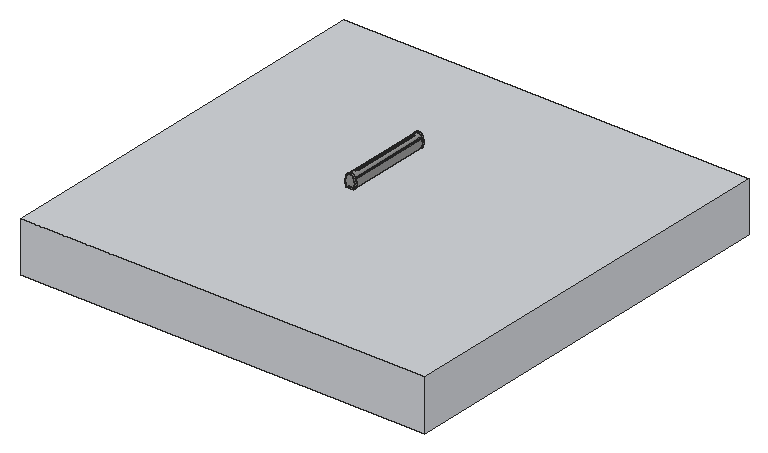
Revit family "L-trade II 20", category Осветительные приборы, Revit 2017 (continued)
Definition of nested family "L-trade II_body"
  Definition of nested family "Trade II торцевая крышка"
    Automatic sketch dimensions
      Extrusion 4 sketch curve to Extrusion 4 sketch curve = 2 mm  (x5)
      Extrusion 4 sketch curve to plane 3 "По центру (Влево/Вправо)" = 0.012 mm  (x2)
      Extrusion 4 sketch curve to Extrusion 4 sketch curve = 3.63 mm
      Extrusion 4 sketch curve to Extrusion 4 sketch curve = 0.007 mm  (x2)
      Extrusion 4 sketch curve to plane 3 "По центру (Влево/Вправо)" = 16.883 mm
      Extrusion 4 sketch curve to Extrusion 4 sketch curve = 13.881 mm  (x2)
      Extrusion 4 sketch curve to Extrusion 4 sketch curve = 1.459 mm  (x2)
      Extrusion 4 sketch curve to Extrusion 4 sketch curve = 0.611 mm  (x2)
      Extrusion 4 sketch curve to Extrusion 4 sketch curve = 6.48 mm  (x2)
      Extrusion 4 sketch curve to Extrusion 4 sketch curve = 9.13 mm  (x2)
      Extrusion 4 sketch curve to Extrusion 4 sketch curve = 0.874 mm  (x2)
      Extrusion 4 sketch curve to Extrusion 4 sketch curve = 0.877 mm  (x2)
      Extrusion 4 sketch curve to Extrusion 4 sketch curve = 2.412 mm  (x2)
      Extrusion 4 sketch curve to Extrusion 4 sketch curve = 2.408 mm  (x2)
      Extrusion 4 sketch curve to Extrusion 4 sketch curve = 1.804 mm  (x2)
      Extrusion 4 sketch curve to Extrusion 4 sketch curve = 1.806 mm  (x2)
      Extrusion 4 sketch curve to Extrusion 4 sketch curve = 0.731 mm  (x2)
      Extrusion 4 sketch curve to Extrusion 4 sketch curve = 0.907 mm
      plane 3 "По центру (Влево/Вправо)" to Extrusion 4 sketch curve = 3.632 mm
      plane 3 "По центру (Влево/Вправо)" to Extrusion 4 sketch curve = 16.874 mm
      Extrusion 4 sketch curve to Extrusion 4 sketch curve = 0.906 mm
      plane 4 "Плоскость низа светильника" to Extrusion 4 sketch curve = 2.402 mm  (x2)
      Extrusion 4 sketch curve to Extrusion 4 sketch curve = 1.117 mm  (x2)
      Extrusion 4 sketch curve to Extrusion 4 sketch curve = 2.295 mm  (x2)
      Extrusion 4 sketch curve to Extrusion 4 sketch curve = 0.778 mm  (x2)
      Extrusion 4 sketch curve to Extrusion 4 sketch curve = 5.16 mm
      Extrusion 4 sketch curve to Extrusion 4 sketch curve = 0.905 mm
      Extrusion 4 sketch curve to Extrusion 4 sketch curve = 1.353 mm  (x2)
      Extrusion 4 sketch curve to Extrusion 4 sketch curve = 1.518 mm  (x2)
      Extrusion 5 sketch curve to Extrusion 5 sketch curve = 0 mm  (x49)
      Extrusion 5 sketch curve to plane 3 "По центру (Влево/Вправо)" = 0.004 mm
      plane 4 "Плоскость низа светильника" to Extrusion 5 sketch curve = 48.426 mm
      Extrusion 5 sketch curve to Extrusion 5 sketch curve = 4.841 mm  (x2)
      Extrusion 5 sketch curve to Extrusion 5 sketch curve = 4.46 mm  (x2)
      Extrusion 5 sketch curve to Extrusion 5 sketch curve = 3.703 mm  (x2)
      Extrusion 5 sketch curve to plane 3 "По центру (Влево/Вправо)" = 26.889 mm
      Extrusion 5 sketch curve to Extrusion 5 sketch curve = 1.546 mm  (x2)
      Extrusion 5 sketch curve to Extrusion 5 sketch curve = 1.798 mm  (x2)
      Extrusion 5 sketch curve to Extrusion 5 sketch curve = 1.783 mm  (x4)
      Extrusion 5 sketch curve to Extrusion 5 sketch curve = 1.35 mm  (x4)
      Extrusion 5 sketch curve to Extrusion 5 sketch curve = 8.271 mm  (x4)
      Extrusion 5 sketch curve to Extrusion 5 sketch curve = 1.526 mm  (x2)
      Extrusion 5 sketch curve to Extrusion 5 sketch curve = 1.799 mm  (x2)
      Extrusion 5 sketch curve to Extrusion 5 sketch curve = 3.705 mm  (x2)
      Extrusion 5 sketch curve to plane 4 "Плоскость низа светильника" = 0.007 mm
      Extrusion 5 sketch curve to plane 4 "Плоскость низа светильника" = 0.341 mm  (x2)
      Extrusion 5 sketch curve to plane 4 "Плоскость низа светильника" = 2.007 mm
      Extrusion 5 sketch curve to Extrusion 5 sketch curve = 3.955 mm  (x2)
      Extrusion 5 sketch curve to Extrusion 5 sketch curve = 0.286 mm  (x2)
      Extrusion 5 sketch curve to Extrusion 5 sketch curve = 3.972 mm
      Extrusion 5 sketch curve to Extrusion 5 sketch curve = 1.397 mm
      Extrusion 5 sketch curve to Extrusion 5 sketch curve = 2 mm  (x6)
      Extrusion 5 sketch curve to Extrusion 5 sketch curve = 1.532 mm  (x2)
      Extrusion 5 sketch curve to Extrusion 5 sketch curve = 0.266 mm
      Extrusion 5 sketch curve to Extrusion 5 sketch curve = 1.806 mm  (x2)
      Extrusion 5 sketch curve to Extrusion 5 sketch curve = 0.731 mm  (x2)
      Extrusion 5 sketch curve to Extrusion 5 sketch curve = 0.907 mm
      Extrusion 5 sketch curve to Extrusion 5 sketch curve = 3.176 mm
      Extrusion 5 sketch curve to Extrusion 5 sketch curve = 0.877 mm  (x2)
      Extrusion 5 sketch curve to Extrusion 5 sketch curve = 0.874 mm  (x2)
      Extrusion 5 sketch curve to Extrusion 5 sketch curve = 7.088 mm
      Extrusion 5 sketch curve to Extrusion 5 sketch curve = 0.611 mm  (x2)
      Extrusion 5 sketch curve to Extrusion 5 sketch curve = 1.459 mm  (x2)
      Extrusion 5 sketch curve to Extrusion 5 sketch curve = 11.813 mm
      Extrusion 5 sketch curve to plane 3 "По центру (Влево/Вправо)" = 5.648 mm
      Extrusion 5 sketch curve to Extrusion 5 sketch curve = 0.007 mm  (x2)
      Extrusion 5 sketch curve to plane 3 "По центру (Влево/Вправо)" = 0.011 mm  (x2)
      plane 3 "По центру (Влево/Вправо)" to Extrusion 5 sketch curve = 3.633 mm
      plane 3 "По центру (Влево/Вправо)" to Extrusion 5 sketch curve = 16.874 mm
      Extrusion 5 sketch curve to Extrusion 5 sketch curve = 13.881 mm
      Extrusion 5 sketch curve to Extrusion 5 sketch curve = 6.48 mm
      Extrusion 5 sketch curve to Extrusion 5 sketch curve = 9.13 mm
      Extrusion 5 sketch curve to Extrusion 5 sketch curve = 2.408 mm
      Extrusion 5 sketch curve to Extrusion 5 sketch curve = 2.412 mm
      Extrusion 5 sketch curve to Extrusion 5 sketch curve = 1.804 mm
      Extrusion 5 sketch curve to Extrusion 5 sketch curve = 0.906 mm
      Extrusion 5 sketch curve to Extrusion 5 sketch curve = 5.16 mm  (x2)
      Extrusion 5 sketch curve to Extrusion 5 sketch curve = 0.905 mm  (x2)
      Extrusion 5 sketch curve to Extrusion 5 sketch curve = 21.1 mm
      plane 4 "Плоскость низа светильника" to Extrusion 5 sketch curve = 3.512 mm  (x2)
      Extrusion 5 sketch curve to Extrusion 5 sketch curve = 1.117 mm  (x2)
      Extrusion 5 sketch curve to Extrusion 5 sketch curve = 1.353 mm  (x2)
      Extrusion 5 sketch curve to Extrusion 5 sketch curve = 1.518 mm  (x2)
      Extrusion 6 sketch curve to Extrusion 6 sketch curve = 0 mm  (x4)
      Extrusion 6 sketch curve to plane 4 "Плоскость низа светильника" = 0 mm
      plane 4 "Плоскость низа светильника" to Extrusion 6 sketch curve = 5.829 mm  (x2)
      Extrusion 6 sketch curve to Extrusion 6 sketch curve = 5.503 mm  (x2)
      Extrusion 6 sketch curve to Extrusion 6 sketch curve = 1.526 mm  (x2)
      Extrusion 6 sketch curve to Extrusion 6 sketch curve = 1.35 mm  (x4)
      Extrusion 6 sketch curve to Extrusion 6 sketch curve = 8.271 mm  (x4)
      Extrusion 6 sketch curve to Extrusion 6 sketch curve = 1.531 mm  (x2)
      Extrusion 6 sketch curve to Extrusion 6 sketch curve = 5.501 mm  (x2)
      Extrusion 6 sketch curve to Extrusion 6 sketch curve = 4.46 mm  (x2)
      Extrusion 6 sketch curve to plane 3 "По центру (Влево/Вправо)" = 0.005 mm
      Extrusion 6 sketch curve to Extrusion 6 sketch curve = 4.841 mm
      Extrusion 6 sketch curve to plane 4 "Плоскость низа светильника" = 0.334 mm  (x2)
      Extrusion 6 sketch curve to Extrusion 6 sketch curve = 3.955 mm  (x2)
      Extrusion 6 sketch curve to Extrusion 6 sketch curve = 0.286 mm  (x2)
      Extrusion 6 sketch curve to plane 4 "Плоскость низа светильника" = 5.972 mm  (x2)
      Extrusion 6 sketch curve to plane 3 "По центру (Влево/Вправо)" = 5.642 mm
      Extrusion 6 sketch curve to Extrusion 6 sketch curve = 0.007 mm  (x2)
      Extrusion 6 sketch curve to plane 3 "По центру (Влево/Вправо)" = 16.883 mm
      Extrusion 6 sketch curve to Extrusion 6 sketch curve = 13.881 mm
      Extrusion 6 sketch curve to Extrusion 6 sketch curve = 1.459 mm  (x2)
      Extrusion 6 sketch curve to Extrusion 6 sketch curve = 0.611 mm  (x2)
      Extrusion 6 sketch curve to Extrusion 6 sketch curve = 6.48 mm  (x2)
      Extrusion 6 sketch curve to Extrusion 6 sketch curve = 9.13 mm  (x2)
      Extrusion 6 sketch curve to Extrusion 6 sketch curve = 2.408 mm  (x2)
      Extrusion 6 sketch curve to Extrusion 6 sketch curve = 2.412 mm  (x2)
      Extrusion 6 sketch curve to Extrusion 6 sketch curve = 2.678 mm  (x2)
      Extrusion 6 sketch curve to Extrusion 6 sketch curve = 2.683 mm  (x2)
      Extrusion 6 sketch curve to Extrusion 6 sketch curve = 0.731 mm  (x2)
      plane 3 "По центру (Влево/Вправо)" to Extrusion 6 sketch curve = 5.625 mm
      plane 3 "По центру (Влево/Вправо)" to Extrusion 6 sketch curve = 16.874 mm
      Extrusion 6 sketch curve to Extrusion 6 sketch curve = 13.895 mm
      plane 4 "Плоскость низа светильника" to Extrusion 6 sketch curve = 2.402 mm  (x2)
      Extrusion 6 sketch curve to Extrusion 6 sketch curve = 3.072 mm  (x2)
      Extrusion 6 sketch curve to Extrusion 6 sketch curve = 5.16 mm
      Extrusion 6 sketch curve to plane 4 "Плоскость низа светильника" = 2 mm  (x2)
      Extrusion 6 sketch curve to Extrusion 6 sketch curve = 1.353 mm  (x2)
      Extrusion 7 sketch curve to Extrusion 7 sketch curve = 0 mm  (x4)
      Extrusion 7 sketch curve to plane 4 "Плоскость низа светильника" = 0 mm
      plane 4 "Плоскость низа светильника" to Extrusion 7 sketch curve = 5.829 mm  (x2)
      Extrusion 7 sketch curve to Extrusion 7 sketch curve = 5.503 mm  (x2)
      Extrusion 7 sketch curve to Extrusion 7 sketch curve = 1.526 mm  (x2)
      Extrusion 7 sketch curve to Extrusion 7 sketch curve = 1.35 mm  (x4)
      Extrusion 7 sketch curve to Extrusion 7 sketch curve = 8.271 mm  (x4)
      Extrusion 7 sketch curve to Extrusion 7 sketch curve = 1.531 mm  (x2)
      Extrusion 7 sketch curve to Extrusion 7 sketch curve = 5.501 mm  (x2)
      Extrusion 7 sketch curve to Extrusion 7 sketch curve = 4.46 mm  (x2)
      Extrusion 7 sketch curve to plane 3 "По центру (Влево/Вправо)" = 0.005 mm
      Extrusion 7 sketch curve to Extrusion 7 sketch curve = 4.841 mm
      Extrusion 7 sketch curve to plane 4 "Плоскость низа светильника" = 0.334 mm  (x2)
      Extrusion 7 sketch curve to Extrusion 7 sketch curve = 3.955 mm  (x2)
      Extrusion 7 sketch curve to Extrusion 7 sketch curve = 0.286 mm  (x2)
      Extrusion 7 sketch curve to plane 4 "Плоскость низа светильника" = 5.972 mm  (x2)
      Extrusion 7 sketch curve to plane 3 "По центру (Влево/Вправо)" = 5.642 mm
      Extrusion 7 sketch curve to Extrusion 7 sketch curve = 0.007 mm  (x2)
      Extrusion 7 sketch curve to plane 3 "По центру (Влево/Вправо)" = 16.883 mm
      Extrusion 7 sketch curve to Extrusion 7 sketch curve = 13.881 mm
      Extrusion 7 sketch curve to Extrusion 7 sketch curve = 1.459 mm  (x2)
      Extrusion 7 sketch curve to Extrusion 7 sketch curve = 0.611 mm  (x2)
      Extrusion 7 sketch curve to Extrusion 7 sketch curve = 6.48 mm  (x2)
      Extrusion 7 sketch curve to Extrusion 7 sketch curve = 9.13 mm  (x2)
      Extrusion 7 sketch curve to Extrusion 7 sketch curve = 2.408 mm  (x2)
      Extrusion 7 sketch curve to Extrusion 7 sketch curve = 2.412 mm  (x2)
      Extrusion 7 sketch curve to Extrusion 7 sketch curve = 2.678 mm  (x2)
      Extrusion 7 sketch curve to Extrusion 7 sketch curve = 2.683 mm  (x2)
      Extrusion 7 sketch curve to Extrusion 7 sketch curve = 0.731 mm  (x2)
      plane 3 "По центру (Влево/Вправо)" to Extrusion 7 sketch curve = 5.625 mm
      plane 3 "По центру (Влево/Вправо)" to Extrusion 7 sketch curve = 16.874 mm
      Extrusion 7 sketch curve to Extrusion 7 sketch curve = 13.895 mm
      plane 4 "Плоскость низа светильника" to Extrusion 7 sketch curve = 2.402 mm  (x2)
      Extrusion 7 sketch curve to Extrusion 7 sketch curve = 3.072 mm  (x2)
      Extrusion 7 sketch curve to Extrusion 7 sketch curve = 5.16 mm
      Extrusion 7 sketch curve to plane 4 "Плоскость низа светильника" = 2 mm  (x2)
      Extrusion 7 sketch curve to Extrusion 7 sketch curve = 1.353 mm  (x2)
Types (6, lengths in mm): name | Цветовая температура | Световой поток светильника | Кривая сил света | Wattage | built-in parameter 1150134 | Файл фотометрической сетки | built-in parameter 1150142 | built-in parameter 1150105 | Lumens | built-in parameter 1150107 | built-in parameter 1150106 | Manufacturer | Артикул
  L-trade II 20 4.0K Д | 5000 K | 2516 lm | "Г30" | 16.938 W | 2 | "L-trade II 20-22-G30-5.0-01.ies" | "IESNA:LM-63-1995\r\n[TEST]LEDEL\r\n[DATA]17.01.2017\r\n[MANUFAC]LEDEL\r\n[LUMCAT]L-trade II 20/22/Г30/5.0/01\r\n[LUMINAIRE]Для освещения торговых залов, промышленных помещений, складов, магазинов, спортивных сооружений и т.д.  \r\n[LAMPCAT]LED\r\n[LAMP]OSRAM SQUARE\r\nTILT=NONE\r\n\r\n1 2516 0.416074 37 19 1 2 0.531 0.05 0.123\r\n\r\n1 1 22\r\n\r\n\r\n \r\n 0 2.5 5 7.5 10 12.5 15 17.5 20 22.5 25 27.5 30 32.5 35 37.5 40 42.5 45 47.5\r\n 50 52.5 55 57.5 60 62.5 65 67.5 70 72.5 75 77.5 80 82.5 85 87.5 90\r\n\r\n  0 5 10 15 20 25 30 35 40 45 50 55 60 65 70 75\r\n  80 85 90\r\n\r\n  13407 13223 12454 11253 9778 8270 6829 5515 4416 3502 2776 2195 1717 1373 1112\r\n  889 734 605 515 439 379 318 295 269 242 197 182 152 137 121\r\n  106 103 61 61 46 46 53\r\n  13392 13245 12515 11325 9861 8346 6897 5582 4462 3544 2813 2208 1732 1377 1112\r\n  893 726 617 515 451 386 341 295 273 227 220 190 152 137 121\r\n  99 95 76 49 46 34 53\r\n  13392 13245 12515 11325 9861 8346 6897 5582 4462 3544 2813 2208 1732 1377 1112\r\n  893 726 617 515 451 386 341 295 273 227 220 190 152 137 121\r\n  99 95 76 49 46 34 53\r\n  13392 13245 12515 11325 9861 8346 6897 5582 4462 3544 2813 2208 1732 1377 1112\r\n  893 726 617 515 451 386 341 295 273 227 220 190 152 137 121\r\n  99 95 76 49 46 34 53\r\n  13392 13245 12515 11325 9861 8346 6897 5582 4462 3544 2813 2208 1732 1377 1112\r\n  893 726 617 515 451 386 341 295 273 227 220 190 152 137 121\r\n  99 95 76 49 46 34 53\r\n  13392 13245 12515 11325 9861 8346 6897 5582 4462 3544 2813 2208 1732 1377 1112\r\n  893 726 617 515 451 386 341 295 273 227 220 190 152 137 121\r\n  99 95 76 49 46 34 53\r\n  13392 13245 12515 11325 9861 8346 6897 5582 4462 3544 2813 2208 1732 1377 1112\r\n  893 726 617 515 451 386 341 295 273 227 220 190 152 137 121\r\n  99 95 76 49 46 34 53\r\n  13392 13245 12515 11325 9861 8346 6897 5582 4462 3544 2813 2208 1732 1377 1112\r\n  893 726 617 515 451 386 341 295 273 227 220 190 152 137 121\r\n  99 95 76 49 46 34 53\r\n  13392 13245 12515 11325 9861 8346 6897 5582 4462 3544 2813 2208 1732 1377 1112\r\n  893 726 617 515 451 386 341 295 273 227 220 190 152 137 121\r\n  99 95 76 49 46 34 53\r\n  13392 13245 12515 11325 9861 8346 6897 5582 4462 3544 2813 2208 1732 1377 1112\r\n  893 726 617 515 451 386 341 295 273 227 220 190 152 137 121\r\n  99 95 76 49 46 34 53\r\n  13392 13245 12515 11325 9861 8346 6897 5582 4462 3544 2813 2208 1732 1377 1112\r\n  893 726 617 515 451 386 341 295 273 227 220 190 152 137 121\r\n  99 95 76 49 46 34 53\r\n  13392 13245 12515 11325 9861 8346 6897 5582 4462 3544 2813 2208 1732 1377 1112\r\n  893 726 617 515 451 386 341 295 273 227 220 190 152 137 121\r\n  99 95 76 49 46 34 53\r\n  13392 13245 12515 11325 9861 8346 6897 5582 4462 3544 2813 2208 1732 1377 1112\r\n  893 726 617 515 451 386 341 295 273 227 220 190 152 137 121\r\n  99 95 76 49 46 34 53\r\n  13392 13245 12515 11325 9861 8346 6897 5582 4462 3544 2813 2208 1732 1377 1112\r\n  893 726 617 515 451 386 341 295 273 227 220 190 152 137 121\r\n  99 95 76 49 46 34 53\r\n  13392 13245 12515 11325 9861 8346 6897 5582 4462 3544 2813 2208 1732 1377 1112\r\n  893 726 617 515 451 386 341 295 273 227 220 190 152 137 121\r\n  99 95 76 49 46 34 53\r\n  13392 13245 12515 11325 9861 8346 6897 5582 4462 3544 2813 2208 1732 1377 1112\r\n  893 726 617 515 451 386 341 295 273 227 220 190 152 137 121\r\n  99 95 76 49 46 34 53\r\n  13392 13245 12515 11325 9861 8346 6897 5582 4462 3544 2813 2208 1732 1377 1112\r\n  893 726 617 515 451 386 341 295 273 227 220 190 152 137 121\r\n  99 95 76 49 46 34 53\r\n  13392 13245 12515 11325 9861 8346 6897 5582 4462 3544 2813 2208 1732 1377 1112\r\n  893 726 617 515 451 386 341 295 273 227 220 190 152 137 121\r\n  99 95 76 49 46 34 53\r\n  13392 13245 12515 11325 9861 8346 6897 5582 4462 3544 2813 2208 1732 1377 1112\r\n  893 726 617 515 451 386 341 295 273 227 220 190 152 137 121\r\n  99 95 76 49 46 34 53\r\n  13392 12956 12038 10755 9324 7870 6519 5292 4250 3360 2692 2125 1679 1327 1067\r\n  878 704 594 515 427 371 325 288 234 205 182 152 137 114 91\r\n  61 46 46 31 23 16 31\r\n  13392 12956 12038 10755 9324 7870 6519 5292 4250 3360 2692 2125 1679 1327 1067\r\n  878 704 594 515 427 371 325 288 234 205 182 152 137 114 91\r\n  61 46 46 31 23 16 31\r\n  13392 12956 12038 10755 9324 7870 6519 5292 4250 3360 2692 2125 1679 1327 1067\r\n  878 704 594 515 427 371 325 288 234 205 182 152 137 114 91\r\n  61 46 46 31 23 16 31\r\n  13392 12956 12038 10755 9324 7870 6519 5292 4250 3360 2692 2125 1679 1327 1067\r\n  878 704 594 515 427 371 325 288 234 205 182 152 137 114 91\r\n  61 46 46 31 23 16 31\r\n  13392 12956 12038 10755 9324 7870 6519 5292 4250 3360 2692 2125 1679 1327 1067\r\n  878 704 594 515 427 371 325 288 234 205 182 152 137 114 91\r\n  61 46 46 31 23 16 31\r\n  13392 12956 12038 10755 9324 7870 6519 5292 4250 3360 2692 2125 1679 1327 1067\r\n  878 704 594 515 427 371 325 288 234 205 182 152 137 114 91\r\n  61 46 46 31 23 16 31\r\n  13392 12956 12038 10755 9324 7870 6519 5292 4250 3360 2692 2125 1679 1327 1067\r\n  878 704 594 515 427 371 325 288 234 205 182 152 137 114 91\r\n  61 46 46 31 23 16 31\r\n  13392 12956 12038 10755 9324 7870 6519 5292 4250 3360 2692 2125 1679 1327 1067\r\n  878 704 594 515 427 371 325 288 234 205 182 152 137 114 91\r\n  61 46 46 31 23 16 31\r\n  13392 12956 12038 10755 9324 7870 6519 5292 4250 3360 2692 2125 1679 1327 1067\r\n  878 704 594 515 427 371 325 288 234 205 182 152 137 114 91\r\n  61 46 46 31 23 16 31\r\n  13392 12956 12038 10755 9324 7870 6519 5292 4250 3360 2692 2125 1679 1327 1067\r\n  878 704 594 515 427 371 325 288 234 205 182 152 137 114 91\r\n  61 46 46 31 23 16 31\r\n  13392 12956 12038 10755 9324 7870 6519 5292 4250 3360 2692 2125 1679 1327 1067\r\n  878 704 594 515 427 371 325 288 234 205 182 152 137 114 91\r\n  61 46 46 31 23 16 31\r\n  13392 12956 12038 10755 9324 7870 6519 5292 4250 3360 2692 2125 1679 1327 1067\r\n  878 704 594 515 427 371 325 288 234 205 182 152 137 114 91\r\n  61 46 46 31 23 16 31\r\n  13392 12956 12038 10755 9324 7870 6519 5292 4250 3360 2692 2125 1679 1327 1067\r\n  878 704 594 515 427 371 325 288 234 205 182 152 137 114 91\r\n  61 46 46 31 23 16 31\r\n  13392 12956 12038 10755 9324 7870 6519 5292 4250 3360 2692 2125 1679 1327 1067\r\n  878 704 594 515 427 371 325 288 234 205 182 152 137 114 91\r\n  61 46 46 31 23 16 31\r\n  13392 12956 12038 10755 9324 7870 6519 5292 4250 3360 2692 2125 1679 1327 1067\r\n  878 704 594 515 427 371 325 288 234 205 182 152 137 114 91\r\n  61 46 46 31 23 16 31\r\n  13392 12956 12038 10755 9324 7870 6519 5292 4250 3360 2692 2125 1679 1327 1067\r\n  878 704 594 515 427 371 325 288 234 205 182 152 137 114 91\r\n  61 46 46 31 23 16 31\r\n  13392 12956 12038 10755 9324 7870 6519 5292 4250 3360 2692 2125 1679 1327 1067\r\n  878 704 594 515 427 371 325 288 234 205 182 152 137 114 91\r\n  61 46 46 31 23 16 31\r\n  13407 12998 12091 10831 9415 7958 6587 5353 4288 3432 2723 2158 1709 1365 1074\r\n  881 711 605 515 436 379 338 273 258 205 182 152 137 106 91\r\n  61 49 53 31 23 19 23\r\n\r\n" | 200.22 (stored number, unit not read) | 2516 lm | 5000 (stored number, unit not read) | 2.0022 (stored number, unit not read) | "" | "321102200843300"
  L-trade II 20 5.0K Д | 5000 K | 2574 lm | "Д" | 17.3284 W | 2 | "L-trade II 20-22-D-5.0-03.ies" | "IESNA:LM-63-1995\r\n[TEST]LEDEL\r\n[DATA]17.01.2017\r\n[MANUFAC]LEDEL\r\n[LUMCAT]L-trade II 20/22/Д/5.0/03\r\n[LUMINAIRE]Для освещения торговых залов, промышленных помещений, складов, магазинов, спортивных сооружений и т.д.  \r\n[LAMPCAT]LED\r\n[LAMP]OSRAM DURIS S5\r\nTILT=NONE\r\n\r\n1 2574 0.561273 37 10 1 2 0.531 0.05 0.123\r\n\r\n1 1 22\r\n\r\n 0 2.5 5 7.5 10 12.5 15 17.5 20 22.5 25 27.5 30 32.5 35 37.5 40 42.5 45 47.5\r\n 50 52.5 55 57.5 60 62.5 65 67.5 70 72.5 75 77.5 80 82.5 85 87.5 90\r\n\r\n  0 10 20 30 40 50 60 70 80 90\r\n\r\n  1448 1456 1465 1459 1434 1417 1396 1387 1383 1354 1329 1311 1281 1249 1214\r\n  1167 1135 1093 1050 1004 955 898 842 790 745 685 614 558 497 436\r\n  375 307 242 181 126 65 39\r\n  1449 1455 1464 1457 1433 1415 1396 1387 1385 1360 1334 1315 1285 1254 1221\r\n  1181 1144 1102 1059 1013 961 911 849 798 755 700 626 560 497 434\r\n  371 301 237 176 120 59 39\r\n  1446 1455 1463 1457 1437 1419 1402 1386 1386 1367 1337 1318 1288 1254 1226\r\n  1187 1141 1110 1065 1016 966 920 861 805 762 711 645 578 519 459\r\n  393 327 261 195 142 79 45\r\n  1446 1455 1462 1461 1443 1422 1409 1388 1379 1372 1344 1313 1292 1266 1230\r\n  1195 1156 1111 1073 1024 976 923 870 806 750 704 651 582 514 456\r\n  393 334 265 199 145 84 50\r\n  1446 1454 1462 1461 1447 1427 1411 1395 1371 1361 1347 1320 1287 1263 1235\r\n  1191 1154 1118 1068 1019 972 924 870 813 751 689 638 589 519 450\r\n  390 327 267 206 148 94 52\r\n  1445 1454 1461 1460 1449 1433 1414 1395 1375 1348 1333 1326 1298 1255 1221\r\n  1194 1158 1114 1070 1022 964 917 852 793 731 674 605 546 502 439\r\n  370 313 256 200 141 95 53\r\n  1446 1453 1461 1458 1452 1441 1428 1407 1380 1362 1338 1304 1278 1262 1243\r\n  1196 1146 1105 1065 1015 958 911 855 780 736 671 611 544 480 418\r\n  368 309 249 198 147 99 58\r\n  1447 1454 1458 1455 1449 1445 1432 1419 1396 1372 1343 1310 1281 1254 1215\r\n  1173 1137 1097 1055 1004 943 890 840 772 714 658 590 515 449 386\r\n  323 262 219 167 127 88 52\r\n  1455 1455 1454 1446 1437 1427 1415 1396 1377 1353 1321 1293 1259 1220 1176\r\n  1121 1063 1016 970 915 860 796 738 689 627 546 468 418 339 272\r\n  206 154 106 74 48 28 20\r\n  1453 1452 1452 1449 1443 1436 1425 1412 1396 1376 1352 1327 1293 1265 1234\r\n  1195 1141 1095 1049 999 950 899 826 780 705 632 578 501 435 364\r\n  295 228 169 115 72 40 22\r\n  1455 1452 1447 1432 1418 1398 1384 1368 1355 1329 1289 1253 1215 1176 1132\r\n  1090 1041 993 928 867 814 739 647 556 500 486 437 344 282 217\r\n  153 111 78 55 36 25 22\r\n  1447 1443 1438 1431 1425 1412 1396 1374 1351 1315 1276 1227 1185 1154 1116\r\n  1042 965 916 913 907 845 755 688 630 568 486 419 357 300 242\r\n  190 149 110 70 47 31 29\r\n  1446 1443 1446 1445 1431 1408 1385 1359 1327 1300 1252 1177 1120 1110 1115\r\n  1086 1020 955 910 863 805 738 673 620 554 494 430 368 312 260\r\n  211 161 106 73 47 35 32\r\n  1445 1445 1452 1447 1429 1404 1377 1356 1324 1263 1220 1224 1225 1170 1099\r\n  1054 1021 977 918 854 808 748 695 645 587 527 466 415 356 298\r\n  240 170 126 87 50 37 35\r\n  1446 1448 1455 1447 1428 1403 1377 1340 1278 1267 1296 1269 1209 1168 1128\r\n  1076 1019 958 916 864 809 763 711 653 592 538 481 425 366 301\r\n  228 173 131 83 47 37 35\r\n  1446 1454 1457 1445 1426 1403 1369 1311 1301 1328 1299 1241 1210 1178 1135\r\n  1078 1029 986 933 882 832 775 718 656 604 547 490 430 366 290\r\n  224 175 124 75 44 37 34\r\n  1446 1454 1457 1445 1424 1402 1357 1314 1337 1339 1284 1243 1216 1179 1127\r\n  1076 1035 984 936 896 845 788 726 676 617 559 497 433 362 285\r\n  225 176 120 72 41 37 34\r\n  1449 1459 1456 1440 1421 1391 1343 1326 1355 1329 1277 1253 1225 1186 1130\r\n  1092 1049 999 955 910 858 797 740 689 627 568 508 443 369 293\r\n  235 184 123 72 41 36 34\r\n  1448 1457 1457 1440 1418 1389 1343 1334 1359 1321 1278 1253 1219 1176 1123\r\n  1087 1041 994 951 905 852 790 736 679 621 561 498 432 356 283\r\n  225 172 113 67 40 35 34\r\n\r" | 204.83 (stored number, unit not read) | 2574 lm | 5000 (stored number, unit not read) | 2.0483 (stored number, unit not read) | "" | "210015"
  L-trade II 20 4.0K К15 | 4000 K | 2508 lm | "К15" | 16.8841 W | 12 | "L-trade II 20-22-K15-4.0-01.ies" | "IESNA:LM-63-1995\r\n[TEST]LEDEL\r\n[DATA]17.01.2017\r\n[MANUFAC]LEDEL\r\n[LUMCAT]L-trade II 20/22/К15/4.0/01\r\n[LUMINAIRE]Для освещения торговых залов, промышленных помещений, складов, магазинов, спортивных сооружений и т.д.  \r\n[LAMPCAT]LED\r\n[LAMP]OSRAM SQUARE\r\nTILT=NONE\r\n\r\n1 2508 0.387815 37 19 1 2 0.531 0.05 0.123\r\n\r\n1 1 22\r\n\r\n 0 2.5 5 7.5 10 12.5 15 17.5 20 22.5 25 27.5 30 32.5 35 37.5 40 42.5 45 47.5\r\n 50 52.5 55 57.5 60 62.5 65 67.5 70 72.5 75 77.5 80 82.5 85 87.5 90\r\n\r\n  0 5 10 15 20 25 30 35 40 45 50 55 60 65 70 75\r\n  80 85 90 \r\n\r\n  31577 30708 27040 21987 16469 11472 7577 4708 2995 2122 1611 1250 953 863 658\r\n  625 522 444 363 308 295 182 227 241 159 137 91 126 114 81\r\n  69 46 46 116 69 11 69\r\n  31509 30761 27290 22294 16742 11699 7759 4893 3108 2133 1611 1271 999 863 681\r\n  601 568 454 363 283 318 287 273 203 182 137 69 102 91 56\r\n  91 46 91 32 69 70 91\r\n  31509 30761 27290 22294 16742 11699 7759 4893 3108 2133 1611 1271 999 863 681\r\n  601 568 454 363 283 318 287 273 203 182 137 69 102 91 56\r\n  91 46 91 32 69 70 91\r\n  31509 30761 27290 22294 16742 11699 7759 4893 3108 2133 1611 1271 999 863 681\r\n  601 568 454 363 283 318 287 273 203 182 137 69 102 91 56\r\n  91 46 91 32 69 70 91\r\n  31509 30761 27290 22294 16742 11699 7759 4893 3108 2133 1611 1271 999 863 681\r\n  601 568 454 363 283 318 287 273 203 182 137 69 102 91 56\r\n  91 46 91 32 69 70 91\r\n  31509 30761 27290 22294 16742 11699 7759 4893 3108 2133 1611 1271 999 863 681\r\n  601 568 454 363 283 318 287 273 203 182 137 69 102 91 56\r\n  91 46 91 32 69 70 91\r\n  31509 30761 27290 22294 16742 11699 7759 4893 3108 2133 1611 1271 999 863 681\r\n  601 568 454 363 283 318 287 273 203 182 137 69 102 91 56\r\n  91 46 91 32 69 70 91\r\n  31509 30761 27290 22294 16742 11699 7759 4893 3108 2133 1611 1271 999 863 681\r\n  601 568 454 363 283 318 287 273 203 182 137 69 102 91 56\r\n  91 46 91 32 69 70 91\r\n  31509 30761 27290 22294 16742 11699 7759 4893 3108 2133 1611 1271 999 863 681\r\n  601 568 454 363 283 318 287 273 203 182 137 69 102 91 56\r\n  91 46 91 32 69 70 91\r\n  31509 30761 27290 22294 16742 11699 7759 4893 3108 2133 1611 1271 999 863 681\r\n  601 568 454 363 283 318 287 273 203 182 137 69 102 91 56\r\n  91 46 91 32 69 70 91\r\n  31509 30761 27290 22294 16742 11699 7759 4893 3108 2133 1611 1271 999 863 681\r\n  601 568 454 363 283 318 287 273 203 182 137 69 102 91 56\r\n  91 46 91 32 69 70 91\r\n  31509 30761 27290 22294 16742 11699 7759 4893 3108 2133 1611 1271 999 863 681\r\n  601 568 454 363 283 318 287 273 203 182 137 69 102 91 56\r\n  91 46 91 32 69 70 91\r\n  31509 30761 27290 22294 16742 11699 7759 4893 3108 2133 1611 1271 999 863 681\r\n  601 568 454 363 283 318 287 273 203 182 137 69 102 91 56\r\n  91 46 91 32 69 70 91\r\n  31509 30761 27290 22294 16742 11699 7759 4893 3108 2133 1611 1271 999 863 681\r\n  601 568 454 363 283 318 287 273 203 182 137 69 102 91 56\r\n  91 46 91 32 69 70 91\r\n  31509 30761 27290 22294 16742 11699 7759 4893 3108 2133 1611 1271 999 863 681\r\n  601 568 454 363 283 318 287 273 203 182 137 69 102 91 56\r\n  91 46 91 32 69 70 91\r\n  31509 30761 27290 22294 16742 11699 7759 4893 3108 2133 1611 1271 999 863 681\r\n  601 568 454 363 283 318 287 273 203 182 137 69 102 91 56\r\n  91 46 91 32 69 70 91\r\n  31509 30761 27290 22294 16742 11699 7759 4893 3108 2133 1611 1271 999 863 681\r\n  601 568 454 363 283 318 287 273 203 182 137 69 102 91 56\r\n  91 46 91 32 69 70 91\r\n  31509 30761 27290 22294 16742 11699 7759 4893 3108 2133 1611 1271 999 863 681\r\n  601 568 454 363 283 318 287 273 203 182 137 69 102 91 56\r\n  91 46 91 32 69 70 91\r\n  31509 30761 27290 22294 16742 11699 7759 4893 3108 2133 1611 1271 999 863 681\r\n  601 568 454 363 283 318 287 273 203 182 137 69 102 91 56\r\n  91 46 91 32 69 70 91\r\n  31509 29215 24772 19310 13883 9353 5921 3672 2382 1770 1384 1100 863 681 636\r\n  545 454 409 341 273 273 182 182 137 159 137 114 126 114 91\r\n  69 91 46 46 46 46 23\r\n  31509 29215 24772 19310 13883 9353 5921 3672 2382 1770 1384 1100 863 681 636\r\n  545 454 409 341 273 273 182 182 137 159 137 114 126 114 91\r\n  69 91 46 46 46 46 23\r\n  31509 29215 24772 19310 13883 9353 5921 3672 2382 1770 1384 1100 863 681 636\r\n  545 454 409 341 273 273 182 182 137 159 137 114 126 114 91\r\n  69 91 46 46 46 46 23\r\n  31509 29215 24772 19310 13883 9353 5921 3672 2382 1770 1384 1100 863 681 636\r\n  545 454 409 341 273 273 182 182 137 159 137 114 126 114 91\r\n  69 91 46 46 46 46 23\r\n  31509 29215 24772 19310 13883 9353 5921 3672 2382 1770 1384 1100 863 681 636\r\n  545 454 409 341 273 273 182 182 137 159 137 114 126 114 91\r\n  69 91 46 46 46 46 23\r\n  31509 29215 24772 19310 13883 9353 5921 3672 2382 1770 1384 1100 863 681 636\r\n  545 454 409 341 273 273 182 182 137 159 137 114 126 114 91\r\n  69 91 46 46 46 46 23\r\n  31509 29215 24772 19310 13883 9353 5921 3672 2382 1770 1384 1100 863 681 636\r\n  545 454 409 341 273 273 182 182 137 159 137 114 126 114 91\r\n  69 91 46 46 46 46 23\r\n  31509 29215 24772 19310 13883 9353 5921 3672 2382 1770 1384 1100 863 681 636\r\n  545 454 409 341 273 273 182 182 137 159 137 114 126 114 91\r\n  69 91 46 46 46 46 23\r\n  31509 29215 24772 19310 13883 9353 5921 3672 2382 1770 1384 1100 863 681 636\r\n  545 454 409 341 273 273 182 182 137 159 137 114 126 114 91\r\n  69 91 46 46 46 46 23\r\n  31509 29215 24772 19310 13883 9353 5921 3672 2382 1770 1384 1100 863 681 636\r\n  545 454 409 341 273 273 182 182 137 159 137 114 126 114 91\r\n  69 91 46 46 46 46 23\r\n  31509 29215 24772 19310 13883 9353 5921 3672 2382 1770 1384 1100 863 681 636\r\n  545 454 409 341 273 273 182 182 137 159 137 114 126 114 91\r\n  69 91 46 46 46 46 23\r\n  31509 29215 24772 19310 13883 9353 5921 3672 2382 1770 1384 1100 863 681 636\r\n  545 454 409 341 273 273 182 182 137 159 137 114 126 114 91\r\n  69 91 46 46 46 46 23\r\n  31509 29215 24772 19310 13883 9353 5921 3672 2382 1770 1384 1100 863 681 636\r\n  545 454 409 341 273 273 182 182 137 159 137 114 126 114 91\r\n  69 91 46 46 46 46 23\r\n  31509 29215 24772 19310 13883 9353 5921 3672 2382 1770 1384 1100 863 681 636\r\n  545 454 409 341 273 273 182 182 137 159 137 114 126 114 91\r\n  69 91 46 46 46 46 23\r\n  31509 29215 24772 19310 13883 9353 5921 3672 2382 1770 1384 1100 863 681 636\r\n  545 454 409 341 273 273 182 182 137 159 137 114 126 114 91\r\n  69 91 46 46 46 46 23\r\n  31509 29215 24772 19310 13883 9353 5921 3672 2382 1770 1384 1100 863 681 636\r\n  545 454 409 341 273 273 182 182 137 159 137 114 126 114 91\r\n  69 91 46 46 46 46 23\r\n  31509 29215 24772 19310 13883 9353 5921 3672 2382 1770 1384 1100 863 681 636\r\n  545 454 409 341 273 273 182 182 137 159 137 114 126 114 91\r\n  69 91 46 46 46 46 23\r\n  31577 29407 25044 19617 14156 9570 6057 3832 2450 1780 1384 1124 863 681 636\r\n  545 454 409 341 283 295 203 227 137 137 137 114 91 91 91\r\n  69 91 23 35 46 46 46\r\n\r\n" | 199.58 (stored number, unit not read) | 2508 lm | 4000 (stored number, unit not read) | 1.9958 (stored number, unit not read) | "" | "321102202741300"
